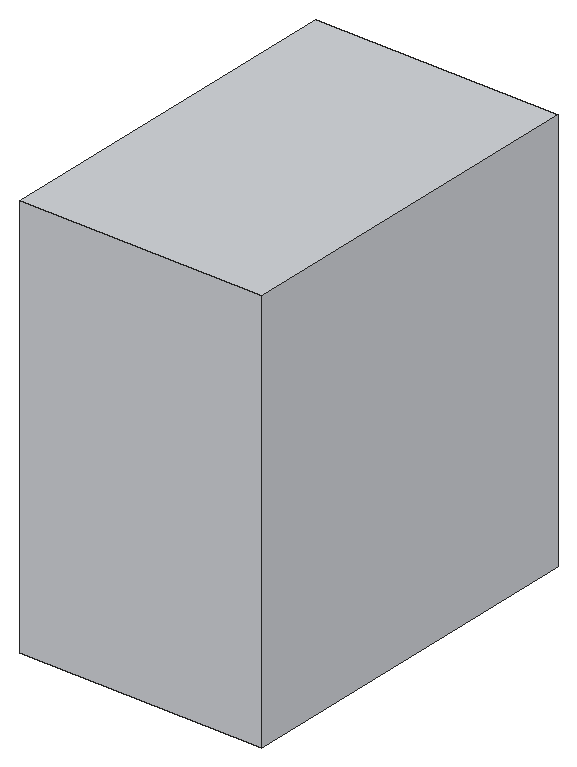
Revit family
Parameters
  Warranty Duration (Years) = 0
  Unit Width [instance] = 1' - 1"
  Unit Height [instance] = 4' - 7"
  Unit Depth = 0' - 0 15/16"
  URL = "http://www.americanspecialties.com/viewCategories.cfm"
  Trim Material = Metal - Stainless Steel
  Test Data = ""
  Specification = "http://www.arcat.com/sdspecs/htm/10810asi.htm"
  SpecWizard = ""
  Send Message = "http://www.arcat.com/users.pl?action=UserEmail&company=American%20Specialties,%20Inc.&coid=30448&rep=139&fax=914-476-0688&mf="
  Sales Information = "http://www.americanspecialties.com/contact"
  Revision = "R1_10-2010"
  Product Properties = "http://www.americanspecialties.com/datasheets/0467-2.pdf"
  Product Data = "http://www.arcat.com/arcatcos/cos30/arc30448.html"
  Model = "As Specified in 10 28 13"
  Manufacturer Website = "http://www.americanspecialties.com/viewCategories.cfm"
  Manufacturer Phone - Toll Free = ""
  Manufacturer Phone = "914-476-9000 "
  Manufacturer Fax = "914-476-0688"
  Manufacturer Address = "441 Saw Mill River Rd., Yonkers, NY 10701"
  Manufacturer = "American Specialties, Inc."
  Maintenance Schedule (Months) = 0
  Keynote = "10 28 13"
  Installation-Fabrication = "http://www.americanspecialties.com/products.cfm"
  Green Building-LEED = ""
  Expected Lifespan (Years) = 0
  Drawn By = "Robert S. Weygant. CSI, CDT, SCIP"  # constant formula
  Description = "Toilet Accessory as Specified in 10 28 13"
  Default Elevation = 4' - 0"
  Copyright = "©Arcat Inc."
  Construction Details = "http://www.arcat.com/green/clients/leed_data_30448.html"
  Building Codes = "http://www.americanspecialties.com/products.cfm"
  Body Material = Metal - Stainless Steel
  Assembly Code = "C1030210"
Reference planes (in)
  plane 1 "Center (Front/Back)": y = -0.29112
  plane 2 "Floor Line": z = 0
  plane 3 "Center (Left/Right)": x = -0.65843
Forms (in)
  Extrusion 1, solid
    sketch origin (-3, -9, -6) x (0, 0, -1) y (1, 0, 0)
      loop
        line (-82, 26) -> (-82, -19.34712) -> (-6, -19.34712) -> (-6, 26) -> (-82, 26)
    from 28.29112 to -41.06337
  Extrusion 2, solid, material "Metal - Stainless Steel" <- "Body Material"
    sketch origin (0, 4, 2.25) x (1, 0, 0) y (0, 1, 0)
      loop
        line (-6.15843, 22.20888) -> (-6.15843, -30.79112) -> (4.84157, -30.79112) -> (4.84157, 22.20888) -> (-6.15843, 22.20888)
    from 0 to -6.25
  Extrusion 3, solid, material "Metal - Stainless Steel" <- "Body Material"
    sketch origin (-0.90625, -0.29112, 2.25) x (1, 0, 0) y (0, 0, 1)
      loop
        line (-6.25218, 0) -> (6.74782, 0) -> (6.74782, 0.5) -> (-6.25218, 0.5) -> (-6.25218, 0)
    from -27.5 to 27.5
  Extrusion 4, void
    sketch origin (-0.65843, 6.5, 2.25) x (0, 1, 0) y (0, 0, 1)
      loop
        line (-0.49957, -6.2123) -> (2.70888, 0) -> (2.70888, 0.9375) -> (-8.29112, 0.9375) -> (-8.29112, -6.2123) -> (-0.49957, -6.2123)
    from -5.46875 to 5.46875
  Extrusion 5, void
    sketch origin (-34, 1.19043, 5.38751) x (1, 0, 0) y (0, 0.458881, 0.888498)
      loop
        arc (36.97904, -1.93126) -> (37.16013, -1.67833) -> (36.96657, -1.43482) r 0.2582
        line (36.96657, -1.43482) -> (36.21657, -1.43482)
        arc (36.21657, -1.43482) -> (33.34157, -0.76381) -> (30.46657, -1.43482) r 6.49463
        line (30.46657, -1.43482) -> (29.71657, -1.43482)
        arc (29.71657, -1.43482) -> (29.523, -1.67833) -> (29.70409, -1.93126) r 0.2582
        line (29.70409, -1.93126) -> (30.47904, -1.93126)
        arc (30.47904, -1.93126) -> (33.34157, -2.19871) -> (36.20409, -1.93126) r 15.45277
        line (36.20409, -1.93126) -> (36.97904, -1.93126)
    from -8.81412 to -8.56412
  Extrusion 6, solid, material "Metal - Stainless Steel" <- "Trim Material"
    sketch origin (0, 0, 1.8125) x (1, 0, 0) y (0, 1, 0)
      loop
        circle (-5.15843, -14.79112) r 0.5
      loop
        line (-5.21525, -14.37247) -> (-5.21525, -15.22198) -> (-5.10162, -15.22198) -> (-5.10162, -14.37247) -> (-5.21525, -14.37247)
      loop
        circle (-5.15843, 17.70888) r 0.5
      loop
        line (-5.21525, 17.29024) -> (-5.10162, 17.29024) -> (-5.10162, 18.13975) -> (-5.21525, 18.13975) -> (-5.21525, 17.29024)
    from 0.9375 to 1
  Extrusion 7, solid, material "Metal - Stainless Steel" <- "Body Material"
    sketch origin (0, 0, 2.25) x (1, 0, 0) y (0, 1, 0)
      loop
        line (-6.15843, -1.79112) -> (-6.15843, -2.79112) -> (4.84157, -2.79112) -> (4.84157, -1.79112) -> (-6.15843, -1.79112)
    from -6.25 to 0.5
  Extrusion 8, solid, material "Metal - Stainless Steel" <- "Body Material"
    sketch origin (0, 0, 2.25) x (1, 0, 0) y (0, 1, 0)
      loop
        line (-6.15843, 26.20888) -> (-6.15843, 9.20921) -> (4.84157, 9.20921) -> (4.84157, 26.20888) -> (-6.15843, 26.20888)
    from 0 to 0.5
  Extrusion 9, solid, material "Metal - Stainless Steel" <- "Body Material"
    sketch origin (0, 0, 2.25) x (1, 0, 0) y (0, 1, 0)
      loop
        line (-6.15843, -2.79112) -> (-6.15843, -26.79112) -> (4.84157, -26.79112) -> (4.84157, -2.79112) -> (-6.15843, -2.79112)
    from 0 to 0.5
  Extrusion 10, solid, material "Metal - Stainless Steel" <- "Body Material"
    sketch origin (0, 0, 0) x (1, 0, 0) y (0, 1, 0)
      loop
        line (-7.15843, 27.20888) -> (-7.15843, -27.79112) -> (5.84157, -27.79112) -> (5.84157, 27.20888) -> (-7.15843, 27.20888)
      loop
        line (-6.15843, 26.20888) -> (-6.15843, -26.79112) -> (4.84157, -26.79112) -> (4.84157, 26.20888) -> (-6.15843, 26.20888)
    from 0 to 2.25
  Extrusion 11, void
    sketch origin (0, 0, 0) x (1, 0, 0) y (0, 1, 0)
      loop
        line (-6.15843, 26.20888) -> (-6.15843, -26.79112) -> (4.84157, -26.79112) -> (4.84157, 26.20888) -> (-6.15843, 26.20888)
    from 0 to -4
Cuts and joins
  Extrusion 4, Extrusion 5 cuts Extrusion 2
  Extrusion 4 cuts Extrusion 3
  Extrusion 4 cuts Extrusion 6
  Extrusion 4 cuts Extrusion 7
  Extrusion 4 cuts Extrusion 8
  Extrusion 4 cuts Extrusion 10
Dimensions and locks (in)
  Extrusion 3 sketch curve to Extrusion 3 sketch curve = 1' - 1"
  aligned and locked: Extrusion 1 to level
